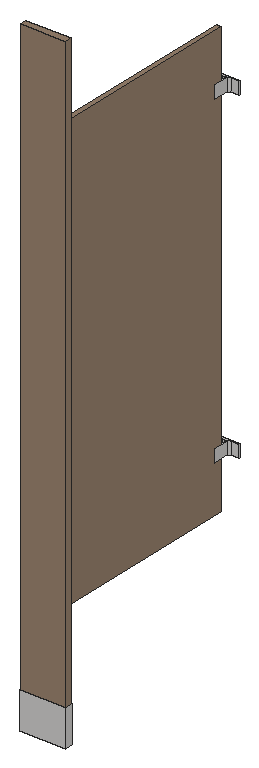
Revit family "Partition-Floor_Braced_Urinal_Screen-Bradley_Corp-Phenolic", category Specialty Equipment, Revit 2012
Parameters (values of type "23" x 48" Urinal Screen")
  Width = 23"
  Warranty Information = "Warranted 3 years against delamination and discoloration, lifetime of the partition on the stainless steel hardware."
  Version = "2.0"
  URL = "http://www.bradleycorp.com"
  Type Comments = "n/a"
  Top Stirrup Bracket Distance From Floor [instance] = if(Height > 42", 53 5/16", 53 5/16")  # 53 5/16"
  Top Of Pilaster = 70"  # constant formula
  Technical Data = "n/a"
  Stirrup Brackets [instance] = not(Continuous Brackets)  # yes
  Specifications URL = "http://www.bradleycorp.com/3partspec"
  Product Tech Data URL - Spanish = ""
  Product Tech Data URL - French = ""
  Product Tech Data URL - English = "https://www.bradleycorp.com/download/4342/9690.pdf"
  Percentage of Recycled Content = 0
  Partition Material [instance] = Plastic - Bradley Corp - Phenolic - Wild Cherry
  OmniClass Table 23 Title = "Toilet Compartment and Urinal Screens"
  OmniClass Table 23 Number = "23.15.11.15.11"
  OmniClass Table 21 Title = "Toilet, Bath, and Laundry Accessories"
  OmniClass Table 21 Number = "21-03 10 90 40"
  Modeling Code = "n/a"
  Model = "Phenolic - Floor Braced Urinal Screen"
  Material Note = "Aluminum Hardware Also Available - Please See www.bradleycorp.com"
  Material = "Phenolic"
  MasterFormat Title = "Toilet Compartments"
  MasterFormat Number = "10 21 13"
  Manufacturer = "Bradley Corporation"
  LEED Credit = "n/a"
  Industry Standards = "n/a"
  Hardware Material = Metal - Bradley Corp - Stainless Steel
  Front Face Of Pilaster = 25 1/4"
  Fire Rating = "n/a"
  Description = "Restroom Partitions, Urinal Screen"
  Copyright = "This Model Data is Property of Bradley Corporation"
  Complies to NAFTA = "n/a"
  Center Stirrup Bracket Distance From Floor = if(Height > 42", 35 5/16", 38 5/16")  # 35 5/16"
  Buy American Act = "To Be Determined"
  Bottom Stirrup Bracket Distance From Floor [instance] = if(Height > 42", 17 5/16", 23 5/16")  # 17 5/16"
  Height = 48"
  Distance From Floor [instance] = if(Height > 42", 12", 18")  # 12"
  Continuous Brackets [instance] = no
  Bracket Offset = (Height - 41") * 0.5  # 3 1/2"
  Assembly Code = "C1010400"
  ADA Compliant = "No"  # constant formula
Types (7): name | Width | Front Face Of Pilaster | Center Stirrup Bracket Distance From Floor | Bottom Stirrup Bracket Distance From Floor | Height | Distance From Floor | Bracket Offset
  (no name) | 23" | 25 1/4" | 35 5/16" | 17 5/16" | 48" | 12" | 3 1/2"
  11" x 42" Urinal Screen | 11" | 13 1/4" | 38 5/16" | 23 5/16" | 42" | 18" | 1/2"
  17" x 42" Urinal Screen | 17" | 19 1/4" | 38 5/16" | 23 5/16" | 42" | 18" | 1/2"
  23" x 42" Urinal Screen | 23" | 25 1/4" | 38 5/16" | 23 5/16" | 42" | 18" | 1/2"
  11" x 48" Urinal Screen | 11" | 13 1/4" | 35 5/16" | 17 5/16" | 48" | 12" | 3 1/2"
  17" x 48" Urinal Screen | 17" | 19 1/4" | 35 5/16" | 17 5/16" | 48" | 12" | 3 1/2"
  23" x 48" Urinal Screen | 23" | 25 1/4" | 35 5/16" | 17 5/16" | 48" | 12" | 3 1/2"
Reference planes (in)
  plane 1 "Center (Front/Back)": y = 0
  plane 2: z = 0
  plane 3 "Center (Left/Right)": x = 0
  plane 4 "Front Face Of Pilaster": y = -25.25
  plane 5 "Top Of Pilaster": z = 70
Forms (in)
  Extrusion 1, solid, material "Plastic - Bradley Corp - Phenolic - Wild Cherry" <- "Partition Material"
    sketch origin (-0.5, 20.69046, 0) x (0, 1, 0) y (0, 0, 1)
      loop
        line (-44.69046, 60) -> (-44.69046, 12) -> (-21.69046, 12) -> (-21.69046, 60) -> (-44.69046, 60)
    from 0.75 to 0.25
  Extrusion 2, solid, material "Plastic - Bradley Corp - Phenolic - Wild Cherry" <- "Partition Material"
    sketch origin (0, -25.25, 0) x (-1, 0, 0) y (0, 0, 1)
      loop
        line (2.5, 70) -> (-2.5, 70) -> (-2.5, 0) -> (2.5, 0) -> (2.5, 70)
    from 0 to 0.75
  Extrusion 3, solid, material "Metal - Bradley Corp - Stainless Steel"
    sketch origin (0, 0, 0) x (1, 0, 0) y (0, 1, 0)
      loop
        line (2.53125, -24.46875) -> (-2.53125, -24.46875) -> (-2.53125, -25.286) -> (2.53125, -25.286) -> (2.53125, -24.46875)
    from 0 to 4
Dimensions and locks (in)
  locked: Extrusion 1 to plane 1 "Center (Front/Back)" at 1
  "Distance From Floor": level to Extrusion 1
  Extrusion 1 to plane 3 "Center (Left/Right)" to Extrusion 1 = 1/4", 1/4"
  "Height": Extrusion 1 to Extrusion 1
  "Width": Extrusion 1 to Extrusion 1
  "Bracket Offset": Extrusion 1 to nested 1
  "Bottom Stirrup Bracket Distance From Floor": nested 2 to level
  "Top Stirrup Bracket Distance From Floor": nested 3 to level
  "Front Face Of Pilaster": plane 4 "Front Face Of Pilaster" to plane 1 "Center (Front/Back)"
  "Top Of Pilaster": plane 5 "Top Of Pilaster" to level
  locked: Extrusion 2 sketch curve to Extrusion 2 sketch curve at 5
  equal spacing: Extrusion 2 sketch curve, plane 3 "Center (Left/Right)", Extrusion 2 sketch curve
  "Bottom Stirrup Bracket Distance From Floor": nested 4 to plane 2
  "Top Stirrup Bracket Distance From Floor": nested 5 to plane 2
  "Bracket Offset": Extrusion 1 to nested 6
  locked: Extrusion 3 sketch curve to Extrusion 2 at 0.03125  (x2)
  locked: Extrusion 3 sketch curve to Extrusion 2 at 0.036
  locked: Extrusion 2 to Extrusion 3 sketch curve at 0.03125
  aligned and locked: plane 3 "Center (Left/Right)" to nested 1
  aligned and locked: plane 1 "Center (Front/Back)" to nested 1
  aligned and locked: plane 1 "Center (Front/Back)" to nested 2
  aligned and locked: plane 3 "Center (Left/Right)" to nested 2
  aligned and locked: plane 1 "Center (Front/Back)" to nested 3
  aligned and locked: plane 3 "Center (Left/Right)" to nested 3
  aligned and locked: level to Extrusion 2 sketch curve
  aligned and locked: Extrusion 2 sketch curve to plane 5 "Top Of Pilaster"
  aligned and locked: Extrusion 2 to nested 5
  aligned and locked: Extrusion 2 to nested 4
  aligned and locked: nested 4 to plane 3 "Center (Left/Right)"
  aligned and locked: nested 5 to plane 3 "Center (Left/Right)"
  aligned and locked: nested 6 to plane 3 "Center (Left/Right)"
  aligned and locked: Extrusion 2 to nested 6
Automatic sketch dimensions
  plane 1 "Center (Front/Back)" to Extrusion 1 sketch curve = 24"
  level to Extrusion 1 sketch curve = 12"
  Extrusion 1 sketch curve to Extrusion 1 sketch curve = 48"
  plane 1 "Center (Front/Back)" to Extrusion 1 sketch curve = 1"
Nested families (in)
  nested 1: "Continuous Brackets - Phenolic" at (0, 0, 11.5), visible <- "Continuous Brackets", type "Continuous Bracket"
  nested 2: "Stirrup Brackets - Phenolic" at (0, 0, 17.3125), visible <- "Stirrup Brackets", type "Stirrup Bracket"
  nested 3: "Stirrup Brackets - Phenolic" at (0, 0, 53.3125), visible <- "Stirrup Brackets", type "Stirrup Bracket"
  nested 4: "Stirrup Brackets (U) - Phenolic" at (0, -24.5, 17.8125) x (-1, 0, 0) z (0, 0, 1), visible <- "Stirrup Brackets", type "Parts"
    with Top Hinge yes, Stalls Depth 58 3/4", P2P Bracket no, Headrail yes, F Bracket Right yes, F Bracket Left no, Continuous P2P no, Continuous F Bracket Right no, Continous F Bracket Left no, Continous Brackets with Ears no, Continous Brackets No Ears no, Brackets No Ears yes, Bracket with Ears yes, Bottom Hinge no
  nested 5: "Stirrup Brackets (U) - Phenolic" at (0, -24.5, 53.8125) x (-1, 0, 0) z (0, 0, 1), visible <- "Stirrup Brackets", type "Parts"
    with Top Hinge yes, Stalls Depth 58 3/4", P2P Bracket no, Headrail yes, F Bracket Right yes, F Bracket Left no, Continuous P2P no, Continuous F Bracket Right no, Continous F Bracket Left no, Continous Brackets with Ears no, Continous Brackets No Ears no, Brackets No Ears yes, Bracket with Ears yes, Bottom Hinge no
  nested 6: "Continuous Brackets (U) - Phenolic" at (0, -24.5, 15.5) x (-1, 0, 0) z (0, 0, 1), visible <- "Continuous Brackets", type "Parts"
    with Top Hinge yes, Stalls Depth 58 3/4", P2P Bracket no, Headrail yes, F Bracket Right yes, F Bracket Left no, Continuous P2P no, Continuous F Bracket Right no, Continous F Bracket Left no, Continous Brackets with Ears no, Continous Brackets No Ears no, Brackets No Ears yes, Bracket with Ears yes, Bottom Hinge no
Definition of nested family "Continuous Brackets - Phenolic"
  Parameters (values of type "Continuous Bracket")
    Material = Metal - Bradley Corp - Stainless Steel
    Assembly Code = ""
  Reference planes (in)
    plane 1 "Center (Front/Back)": y = 0
    plane 2: z = 0
    plane 3 "Center (Left/Right)": x = 0
    plane 4: x = -0.25
    plane 5: x = 0.25
    plane 6: y = -1
    plane 7: y = -2
    plane 8: y = -0.1
    plane 9: y = -0.35
    plane 10 "del me": z = 0
    plane 11 "Midplane Of Bracket": z = 24.5
    plane 12 "Top Of Bracket": z = 45
    plane 13 "Bottom Of Bracket": z = 4
  Forms (in)
    Extrusion 1, solid, material "Metal - Bradley Corp - Stainless Steel" <- "Material"
      sketch origin (0, 0, 44.25) x (1, 0, 0) y (0, 1, 0)
        loop
          line (-1.5, 0) -> (-1.5, -0.1) -> (-0.6, -0.1)
          arc (-0.6, -0.1) -> (-0.42322, -0.17322) -> (-0.35, -0.35) r 0.25
          line (-0.35, -0.35) -> (-0.35, -2) -> (-0.25, -2) -> (-0.25, -0.27354) -> (0.25, -0.27354) -> (0.25, -2) -> (0.35, -2) -> (0.35, -0.35)
          arc (0.35, -0.35) -> (0.42322, -0.17322) -> (0.6, -0.1) r 0.25
          line (0.6, -0.1) -> (1.5, -0.1) -> (1.5, 0) -> (-1.5, 0)
      from 0.75 to -40.25
  Dimensions and locks (in)
    locked: plane 8 to plane 9 at 0.25
    locked: plane 6 to plane 7 at 1
    locked: plane 12 "Top Of Bracket" to plane 13 "Bottom Of Bracket" at 41
    equal spacing: plane 4, plane 3 "Center (Left/Right)", plane 5
    locked: plane 4 to plane 5 at 0.5
    locked: Extrusion 1 sketch curve to Extrusion 1 sketch curve at 0.1  (x2)
    aligned and locked: plane 12 "Top Of Bracket" to Extrusion 1
    aligned and locked: Extrusion 1 to plane 13 "Bottom Of Bracket"
    aligned and locked: plane 4 to Extrusion 1 sketch curve
    aligned and locked: plane 5 to Extrusion 1 sketch curve
Definition of nested family "Stirrup Brackets - Phenolic"
  Parameters (values of type "Stirrup Bracket")
    Material = Metal - Bradley Corp - Stainless Steel
    Assembly Code = ""
  Reference planes (in)
    plane 1 "Center (Front/Back)": y = 0
    plane 2: z = 0
    plane 3 "Center (Left/Right)": x = 0
    plane 4: x = -0.5
    plane 5: x = 0.5
    plane 6: y = -1
    plane 7: y = -2
    plane 8: y = -0.1
    plane 9: y = -0.35
  Forms (in)
    Extrusion 1, solid, material "Metal - Bradley Corp - Stainless Steel" <- "Material"
      sketch origin (0, 0, -244) x (1, 0, 0) y (0, 1, 0)
        loop
          line (-1.5, 0) -> (-1.5, -0.1) -> (-0.6, -0.1)
          arc (-0.6, -0.1) -> (-0.42322, -0.17322) -> (-0.35, -0.35) r 0.25
          line (-0.35, -0.35) -> (-0.35, -2) -> (-0.25, -2) -> (-0.25, -0.27354) -> (0.25, -0.27354) -> (0.25, -2) -> (0.35, -2) -> (0.35, -0.35)
          arc (0.35, -0.35) -> (0.42322, -0.17322) -> (0.6, -0.1) r 0.25
          line (0.6, -0.1) -> (1.5, -0.1) -> (1.5, 0) -> (-1.5, 0)
      from 244 to 245.375
  Dimensions and locks (in)
    locked: plane 8 to plane 9 at 0.25
    locked: plane 6 to plane 7 at 1
    locked: Extrusion 1 sketch curve to Extrusion 1 sketch curve at 0.1  (x2)
    Extrusion 1 sketch curve to plane 3 "Center (Left/Right)" = 1/4"
    plane 3 "Center (Left/Right)" to Extrusion 1 sketch curve = 1/4"
    locked: Extrusion 1 sketch curve to Extrusion 1 sketch curve at 0.5
Definition of nested family "Stirrup Brackets (U) - Phenolic"
  Parameters (values of type "Parts")
    Top Hinge [instance] = yes
    Stalls Depth [instance] = 58 3/4"
    Partition Parts Material = Metal - Bradley Corp - Stainless Steel
    P2P Bracket [instance] = no
    Latch to Edge of Door Parts = 2"
    Headrail [instance] = yes
    Gap Side Walls Part = 1"
    Gap Pilaster Panel = 1/2"
    Gap Back Wall Parts = 1"
    F Bracket Right [instance] = yes
    F Bracket Left [instance] = no
    Door Gap Parts = 0.188"
    Continuous P2P [instance] = no
    Continuous F Bracket Right [instance] = no
    Continous F Bracket Left [instance] = no
    Continous Brackets with Ears [instance] = no
    Continous Brackets No Ears [instance] = no
    CALC_Half Pilaster Parts = 5/8"
    CALC_Half Panel Parts = 1/2"
    Brackets No Ears [instance] = yes
    Bracket with Ears [instance] = yes
    Bottom Hinge [instance] = no
    Assembly Code = ""
  Reference planes (in)
    plane 1 "Center (Front/Back)": y = 0
    plane 2: z = 0
    plane 3 "Center (Left/Right)": x = 0
    plane 4: y = -0.27354
    plane 5: y = -0.5
    plane 6: y = -1
    plane 7: x = -0.25
    plane 8: x = 0.25
    plane 9: x = -0.35
    plane 10: x = 0.35
    plane 11 "masks": z = 25
    plane 12 "del me": z = 0
  Forms (in)
    Extrusion 1, solid, material "Metal - Bradley Corp - Stainless Steel", visible <- "Brackets No Ears"
      sketch origin (0, 0, 0) x (1, 0, 0) y (0, 1, 0)
        loop
          line (-0.35, 0) -> (-0.35, -1) -> (-0.25, -1) -> (-0.25, -0.27354) -> (0.25, -0.27354) -> (0.25, -1) -> (0.35, -1) -> (0.35, 0) -> (-0.35, 0)
      from 0.5 to -0.5
  Dimensions and locks (in)
    "Gap Pilaster Panel": plane 5 to plane 1 "Center (Front/Back)"
    "Gap Pilaster Panel": plane 5 to plane 6
    locked: plane 4 to plane 1 "Center (Front/Back)" at 0.27354
    locked: plane 9 to plane 7 at 0.1
    locked: plane 8 to plane 10 at 0.1
    equal spacing: plane 7, plane 3 "Center (Left/Right)", plane 8
    locked: plane 7 to plane 8 at 0.5
    aligned and locked: Extrusion 1 sketch curve to plane 9
    aligned and locked: plane 10 to Extrusion 1 sketch curve
    aligned and locked: plane 8 to Extrusion 1 sketch curve
    aligned and locked: plane 7 to Extrusion 1 sketch curve
    aligned and locked: Extrusion 1 sketch curve to plane 4
  Automatic sketch dimensions
    Extrusion 1 sketch curve to plane 6 = 0"  (x2)
    Extrusion 1 sketch curve to plane 1 "Center (Front/Back)" = 0"
Definition of nested family "Continuous Brackets (U) - Phenolic"
  Parameters (values of type "Parts")
    Top Hinge [instance] = yes
    Stalls Depth [instance] = 58 3/4"
    Parts Plastic Material = Metal - Bradley Corp - Aluminum
    Partition Parts Material = Metal - Bradley Corp - Stainless Steel
    P2P Bracket [instance] = no
    Latch to Edge of Door Parts = 2"
    Headrail [instance] = yes
    Gap Side Walls Part = 1"
    Gap Pilaster Panel = 1/2"
    Gap Back Wall Parts = 1"
    F Bracket Right [instance] = yes
    F Bracket Left [instance] = no
    Door Gap Parts = 0.188"
    Continuous P2P [instance] = no
    Continuous F Bracket Right [instance] = no
    Continous F Bracket Left [instance] = no
    Continous Brackets with Ears [instance] = no
    Continous Brackets No Ears [instance] = no
    CALC_Half Pilaster Parts = 5/8"
    CALC_Half Panel Parts = 1/2"
    Brackets No Ears [instance] = yes
    Bracket with Ears [instance] = yes
    Bottom Hinge [instance] = no
    Assembly Code = ""
  Reference planes (in)
    plane 1 "Center (Front/Back)": y = 0
    plane 2: z = 0
    plane 3 "Center (Left/Right)": x = 0
    plane 4: y = -0.27354
    plane 5: y = -0.5
    plane 6: y = -1
    plane 7: x = -0.25
    plane 8: x = 0.25
    plane 9: x = -0.35
    plane 10: x = 0.35
    plane 11 "masks": z = 25
    plane 12 "del me": z = 0
  Forms (in)
    Extrusion 1, solid, material "Metal - Bradley Corp - Stainless Steel" <- "Partition Parts Material", visible <- "Brackets No Ears"
      sketch origin (0, 0, 0) x (1, 0, 0) y (0, 1, 0)
        loop
          line (-0.35, 0) -> (-0.35, -1) -> (-0.25, -1) -> (-0.25, -0.27354) -> (0.25, -0.27354) -> (0.25, -1) -> (0.35, -1) -> (0.35, 0) -> (-0.35, 0)
      from 41 to 0
  Dimensions and locks (in)
    "Gap Pilaster Panel": plane 5 to plane 1 "Center (Front/Back)"
    "Gap Pilaster Panel": plane 5 to plane 6
    locked: plane 4 to plane 1 "Center (Front/Back)" at 0.27354
    locked: plane 9 to plane 7 at 0.1
    locked: plane 8 to plane 10 at 0.1
    equal spacing: plane 7, plane 3 "Center (Left/Right)", plane 8
    locked: plane 7 to plane 8 at 0.5
    aligned and locked: Extrusion 1 sketch curve to plane 9
    aligned and locked: plane 10 to Extrusion 1 sketch curve
    aligned and locked: plane 8 to Extrusion 1 sketch curve
    aligned and locked: plane 7 to Extrusion 1 sketch curve
    aligned and locked: Extrusion 1 sketch curve to plane 4
  Automatic sketch dimensions
    Extrusion 1 sketch curve to plane 6 = 0"  (x2)
    Extrusion 1 sketch curve to plane 1 "Center (Front/Back)" = 0"
